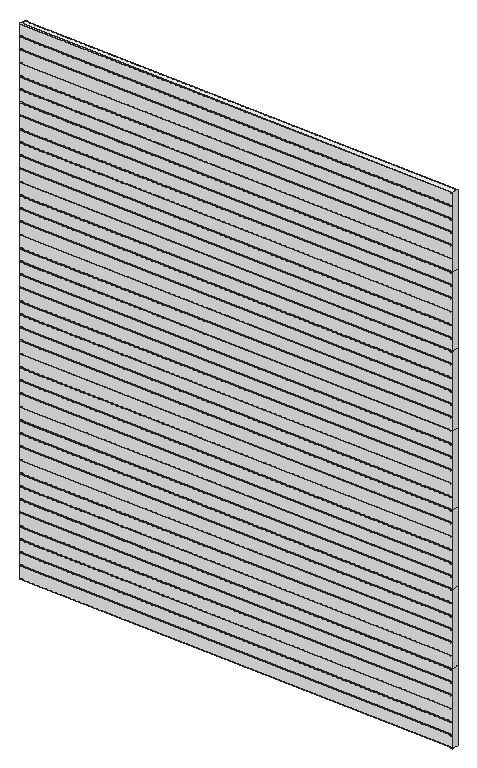
Revit family "3717-1Basic", category Doors, host Wall, Revit 2025
Family settings
  Host = Wall
  OmniClass Number = 23.30.10.17.37.14
  OmniClass Title = Sectional Overhead Doors
  Always vertical = Yes
  Cut with Voids When Loaded = No
  Shared = No
  Room Calculation Point = No
Parameters (values of type "By Type")
  Windload = "Doors available rated for various design pressures; consult Clopay for avaialbility and specifications"
  VisSection6 = NumSections = 6  # no
  VisSection5 = NumSections > 4  # yes
  VisSection4 = NumSections > 3  # yes
  VisSection3 = NumSections > 2  # yes
  VisArray = NumSections > 6  # yes
  URL = "www.clopaydoor.com"
  Track = "Galvanized steel (gauge varies according to door size)"
  Thickness = 0' - 2"  # constant formula
  Spec Wizard = "http://www.arcat.com/specwizard/08360clo/index.htm"
  Section Height = Height / NumSections  # 2' - 0"
  Sales Information = "http://www.clopaydoor.com/where-to-buy.aspx?type=dealer"
  Rough Width = 0' - 0"  # constant formula
  Rough Height = 0' - 0"  # constant formula
  R-Value = "15.05"
  Product Features and Benefits = "http://www.clopaydoor.com/insulated-polyurethane-applications.aspx"
  Overlapping Jamb = yes
  Overlap = if(Overlapping Jamb, 0' 1", 0' 0")  # 0' - 1"
  Opening Width = 12' - 0"
  Opening Height = 14' - 0"
  Omniclass Table = "23-30 10 17 37 "
  NumSectionsNotRounded = Height / 2' 0"  # 7
  NumSections = NumSectionsNotRounded + 0.4999  # 7
  NumArraySections = if(NumSections > 6, NumSections - 5, 2)  # 2
  Model = "3717"
  Maximum Size = "Maximum 32' 2'' wide by 26' 0'' high. Additional limitations may apply do to door weight. Consult Clopay for specificiations and shop drawings."  # constant formula
  Manufacturer Website = "http://www.clopaydoor.com"
  Manufacturer Phone Number = "1-800-526-4301"
  Manufacturer Address = "1400 W. Market St., Troy, OH 45373"
  Manufacturer = "Clopay Building Products Company"
  LEED = "http://products.construction.com/swts_content_files/151607/303186.pdf"
  Keynote = "08 36 13"
  Interior Steel = "28 ga. galvanized, primed, and finish painted"
  Hardware = "14 ga. min. steel hinges; 10-ball steel rollers"
  GreenFormat = "http://www.greenformat.com/products/1536-Polyurethane%20Insulated%20Doors.rtf"
  Function = Interior
  Height = Opening Height + Rough Width * 0  # 14' - 0"
  Wall Closure = By host
  Width = Opening Width + Rough Width * 0  # 12' - 0"
  FloorToSection7 = 6 * Section Height  # 12' - 0"
  FloorToSection6 = 5 * Section Height  # 10' - 0"
  FloorToSection5 = 4 * Section Height  # 8' - 0"
  FloorToSection4 = 3 * Section Height  # 6' - 0"
  FloorToSection3 = 2 * Section Height  # 4' - 0"
  FloorToSection2 = Section Height  # 2' - 0"
  File Revision = "02 (August, 2012)"
  Exterior Steel = "27 ga. galvanized, primed, and finish painted"
  Double End Stiles = Door Width > 14' 2"  # no
  Door Width = Opening Width + Overlap * 2  # 12' - 2"
  Door Height = Opening Height + Rough Width * 0  # 14' - 0"
  Description = "1-3/4'' thick polyurethane insulated, stucco embossed 27 gauge steel exterior with light ribbed pattern."
  Core Material = "Expanded polyurethane"
  Copyright = "2010, Clopay Building Products Company, Inc."
  Color = White
  CAD and Specifications = "http://www.clopaydoor.com/insulated-polyurethane-specs.aspx"
  Assembly Code = "B2030410"
Reference planes (in)
  plane 1 "Center (Front/Back)": y = 0
  plane 2 "Center (Left/Right)": x = 0
  plane 3 "Left": x = -72
  plane 4 "Right": x = 72
  plane 5 "Top": z = 168
  plane 6 "Exterior": y = 3
  plane 7 "Interior": y = -3
  plane 8: z = 120
  plane 9: z = 144
Lines and regions (in)
  Opening 1
    outline origin (-90, -3, 0) x (1, 0, 0) y (0, 0, 1)
      loop
        line (18, 0) -> (162, 0) -> (162, 168) -> (18, 168) -> (18, 0)
Text (in)
  text "Exterior" at (-74.96733, 27.31104, 0), in view "Ref. Level"
  text "Interior" at (-74.96733, -25.14366, 0), in view "Ref. Level"
  text "Exterior" at (0, 40.15149, 123.01588), in view "Right"
  text "Interior" at (0, -64.39139, 123.01588), in view "Right"
  text "Interior" at (0, -31.01599, 123.00693), in view "Left"
  text "Exterior" at (0, 54.57065, 123.00693), in view "Left"
Dimensions and locks (in)
  equal spacing: plane 3 "Left", plane 2 "Center (Left/Right)", plane 4 "Right"
  "Height": level to plane 5 "Top"
  "Width": plane 3 "Left" to plane 4 "Right"
  host wall to plane 5 "Top" = 14' - 0"
  nested 1 to plane 7 "Interior" = 0' - 0 1/2"
  "FloorToSection6": plane 8 to level
  "FloorToSection7": plane 9 to level
  group 1 to group 2 = 0' - 0"  (x2)
  group 1 to group 2 = 2' - 0"
  host wall to host wall = 67' - 6"
  aligned and locked: plane 3 "Left" to Opening 1 sketch curve
  aligned and locked: plane 5 "Top" to Opening 1 sketch curve  (x2)
  aligned and locked: Opening 1 sketch curve to plane 4 "Right"
  aligned and locked: Opening 1 sketch curve to level
  aligned and locked: plane 6 "Exterior" to host wall
  aligned and locked: host wall to plane 7 "Interior"
  aligned and locked: plane 2 "Center (Left/Right)" to nested 2
  aligned and locked: plane 2 "Center (Left/Right)" to nested 3
  aligned and locked: plane 2 "Center (Left/Right)" to nested 4
  aligned and locked: plane 2 "Center (Left/Right)" to nested 5
  aligned and locked: plane 2 "Center (Left/Right)" to nested 7
  aligned and locked: nested 7 to plane 8
  aligned and locked: nested 8 to plane 9
  aligned and locked: plane 7 "Interior" to nested 2
  aligned and locked: plane 7 "Interior" to nested 7
  aligned and locked: host wall to nested 8
  aligned and locked: plane 7 "Interior" to nested 3
  aligned and locked: host wall to nested 3
  aligned and locked: plane 7 "Interior" to nested 1
  aligned and locked: nested 2 to host wall
  aligned and locked: plane 7 "Interior" to nested 6
  aligned and locked: plane 7 "Interior" to nested 5
  aligned and locked: host wall to nested 7
  aligned and locked: plane 7 "Interior" to nested 4
Nested families (in)
  nested 1: "Section" at (0, 0, 0), type "Solid"
  nested 2: "Section" at (0, 0, 24), built-in parameter 1001364 <- "Section Height", type "Solid"
  nested 3: "Section" at (0, 0, 48), built-in parameter 1001364 <- "FloorToSection3", visible <- "VisSection3", type "Solid"
  nested 4: "Section" at (0, 0, 120), built-in parameter 1001364 <- "FloorToSection6", visible <- "VisSection6", type "Solid"
  nested 5: "Section" at (0, 0, 96), built-in parameter 1001364 <- "FloorToSection5", visible <- "VisSection5", type "Solid"
  nested 6: "Section" at (0, 0, 72), built-in parameter 1001364 <- "FloorToSection4", visible <- "VisSection4", type "Solid"
  nested 7: "Section" at (0, 0, 120), visible <- "VisArray", type "Solid"
  nested 8: "Section" at (0, 0, 144), visible <- "VisArray", type "Solid"
Definition of nested family "Section"
  Parameters
    X9 = if(if(NumArrayedWindows < NumWindows, NumArrayedWindows + 1, NumWindows) < 9, X1, X8 + 3' 8")  # 1' - 5 1/2"
    X8 = if(if(NumArrayedWindows < NumWindows, NumArrayedWindows + 1, NumWindows) < 8, X1, X7 + 3' 8")  # 1' - 5 1/2"
    X7 = if(if(NumArrayedWindows < NumWindows, NumArrayedWindows + 1, NumWindows) < 7, X1, X6 + 3' 8")  # 1' - 5 1/2"
    X6 = if(if(NumArrayedWindows < NumWindows, NumArrayedWindows + 1, NumWindows) < 6, X1, X5 + 3' 8")  # 1' - 5 1/2"
    X5 = if(if(NumArrayedWindows < NumWindows, NumArrayedWindows + 1, NumWindows) < 5, X1, X4 + 3' 8")  # 1' - 5 1/2"
    X4 = if(if(NumArrayedWindows < NumWindows, NumArrayedWindows + 1, NumWindows) < 4, X1, X3 + 3' 8")  # 1' - 5 1/2"
    X3 = if(NumWindows < 3, X1, X2 + 3' 8")  # 8' - 9 1/2"
    X2 = if(NumWindows < 2, ((Door Width - (NumWindows - 1) * 3' 8") / 2 - Cutout Width / 2), ((Door Width - (NumWindows - 1) * 3' 8") / 2 - Cutout Width / 2) + 3' 8")  # 5' - 1 1/2"
    WindowVis = no
    WindowCutDepth = -0' - 0 13/128"
    Section Height = 2' - 0"
    RibSpacing = Section Height / (NumRibs + 1)  # 0' - 4"
    NumWindows = if(Door Width < 9' 4", 2, if(Door Width < 13' 4", 3, if(Door Width < 16' 4", 4, if(Door Width < 20' 4", 5, if(Door Width < 24' 4", 6, if(Door Width < 26' 4", 7, if(Door Width < 31' 8", 8, 10)))))))  # 3
    NumRibs = if(Section Height < 1' 9", 3, if(Section Height < 2' 0", 4, 5))  # 5
    NumArrayedWindows = if(X2 = X1, NumWindows - 2, NumWindows)  # 3
    Half Section Height = Section Height / 2  # 1' - 0"
    Half Door Width Neg = -Half Door Width  # -6' - 1"
    Half Door Width = Door Width / 2  # 6' - 1"
    Half Cutout Height = Cutout Height / 2  # 0' - 3 1/2"
    Function = (empty or 0)
    Height = 0' - 0"
    Wall Closure = (empty or 0)
    Width = 0' - 0"
    X1 = if(or(Door Width > 31' 6", and(Door Width > 26' 2", Door Width < 28' 1"), Door Width = 24' 3", Door Width = 24' 4", and(Door Width > 20' 2", Door Width < 20' 11"), and(Door Width > 16' 2", Door Width < 17' 3")), X2, (Door Width - (NumWindows - 1) * 3' 8") / 2 - Cutout Width / 2)  # 1' - 5 1/2"
    Door Width = 12' - 2"
    CutoutToCutout = 1' - 0"
    Cutout Width = 1' - 11"
    Cutout Height = 0' - 7"
    Color = none
    BtmTo1stRib = RibSpacing  # 0' - 4"
    Assembly Code = ""
  Reference planes (in)
    plane 1 "Center (Front/Back)": y = 0
    plane 2 "Center (Left/Right)": x = 0
    plane 3 "Exterior": y = 3
    plane 4 "Interior": y = -3
    plane 5: y = -3.5
    plane 6: x = 73
    plane 7: x = -73
    plane 8: z = 4
    plane 9: z = 8
    plane 10: z = 24
    plane 11: z = 12
    plane 12: z = 0
  Forms (in)
    Extrusion 1, solid, material <- "Color"
      sketch origin (-73, -12, 83.08252) x (0, 0, 1) y (0, -1, 0)
        loop
          line (-59.08252, -8.37573) -> (-59.08252, -6.62444)
          arc (-59.08252, -6.62444) -> (-59.11897, -6.53645) -> (-59.20696, -6.5) r 0.12444
          line (-59.20696, -6.5) -> (-82.95809, -6.5)
          arc (-82.95809, -6.5) -> (-83.04608, -6.53645) -> (-83.08252, -6.62444) r 0.12444
          line (-83.08252, -6.62444) -> (-83.08252, -8.37573)
          arc (-83.08252, -8.37573) -> (-83.04612, -8.4636) -> (-82.95825, -8.5) r 0.12427
          line (-82.95825, -8.5) -> (-59.20679, -8.5)
          arc (-59.20679, -8.5) -> (-59.11892, -8.4636) -> (-59.08252, -8.37573) r 0.12427
      from 0 to 146 <- "Door Width"
    Extrusion 2, void
      sketch origin (0, 0, -0.5) x (0, -1, 0) y (0, 0, 1)
        loop
          line (3.5, 4.62727) -> (3.5, 4.37273) -> (3.53032, 4.41942)
          arc (3.53032, 4.41942) -> (3.53753, 4.43506) -> (3.54, 4.4521) r 0.06
          line (3.54, 4.4521) -> (3.54, 4.5479)
          arc (3.54, 4.5479) -> (3.53753, 4.56494) -> (3.53032, 4.58058) r 0.06
          line (3.53032, 4.58058) -> (3.5, 4.62727)
      from -73 <- "Half Door Width Neg" to 146 <- "Door Width"
    Extrusion 3, void
      sketch origin (0, 0, 3.5) x (0, -1, 0) y (0, 0, 1)
        loop
          line (3.5, 4.62727) -> (3.5, 4.37273) -> (3.53032, 4.41942)
          arc (3.53032, 4.41942) -> (3.53753, 4.43506) -> (3.54, 4.4521) r 0.06
          line (3.54, 4.4521) -> (3.54, 4.5479)
          arc (3.54, 4.5479) -> (3.53753, 4.56494) -> (3.53032, 4.58058) r 0.06
          line (3.53032, 4.58058) -> (3.5, 4.62727)
      from -73 <- "Half Door Width Neg" to 146 <- "Door Width"
    Extrusion 4, void
      sketch origin (0, 0, 7.5) x (0, -1, 0) y (0, 0, 1)
        loop
          line (3.5, 4.62727) -> (3.5, 4.37273) -> (3.53032, 4.41942)
          arc (3.53032, 4.41942) -> (3.53753, 4.43506) -> (3.54, 4.4521) r 0.06
          line (3.54, 4.4521) -> (3.54, 4.5479)
          arc (3.54, 4.5479) -> (3.53753, 4.56494) -> (3.53032, 4.58058) r 0.06
          line (3.53032, 4.58058) -> (3.5, 4.62727)
      from -73 <- "Half Door Width Neg" to 146 <- "Door Width"
    Extrusion 5, void
      sketch origin (0, -8.99984, -0.5) x (0, 1, 0) y (0, 0, -1)
        loop
          line (3.5, -4.62727) -> (3.53032, -4.58058)
          arc (3.53032, -4.58058) -> (3.53753, -4.56494) -> (3.54, -4.5479) r 0.06
          line (3.54, -4.5479) -> (3.54, -4.4521)
          arc (3.54, -4.4521) -> (3.53753, -4.43506) -> (3.53032, -4.41942) r 0.06
          line (3.53032, -4.41942) -> (3.5, -4.37273) -> (3.5, -4.62727)
      from -73 <- "Half Door Width Neg" to 146 <- "Door Width"
    Extrusion 6, void
      sketch origin (0, -8.99984, 3.5) x (0, 1, 0) y (0, 0, -1)
        loop
          line (3.5, -4.62727) -> (3.53032, -4.58058)
          arc (3.53032, -4.58058) -> (3.53753, -4.56494) -> (3.54, -4.5479) r 0.06
          line (3.54, -4.5479) -> (3.54, -4.4521)
          arc (3.54, -4.4521) -> (3.53753, -4.43506) -> (3.53032, -4.41942) r 0.06
          line (3.53032, -4.41942) -> (3.5, -4.37273) -> (3.5, -4.62727)
      from -73 <- "Half Door Width Neg" to 146 <- "Door Width"
    Extrusion 7, void
      sketch origin (0, -8.99984, 7.5) x (0, 1, 0) y (0, 0, -1)
        loop
          line (3.5, -4.62727) -> (3.53032, -4.58058)
          arc (3.53032, -4.58058) -> (3.53753, -4.56494) -> (3.54, -4.5479) r 0.06
          line (3.54, -4.5479) -> (3.54, -4.4521)
          arc (3.54, -4.4521) -> (3.53753, -4.43506) -> (3.53032, -4.41942) r 0.06
          line (3.53032, -4.41942) -> (3.5, -4.37273) -> (3.5, -4.62727)
      from -73 <- "Half Door Width Neg" to 146 <- "Door Width"
    Extrusion 8, void
      sketch origin (0, 0, 11.5) x (0, -1, 0) y (0, 0, 1)
        loop
          line (3.5, 4.62727) -> (3.5, 4.37273) -> (3.53032, 4.41942)
          arc (3.53032, 4.41942) -> (3.53753, 4.43506) -> (3.54, 4.4521) r 0.06
          line (3.54, 4.4521) -> (3.54, 4.5479)
          arc (3.54, 4.5479) -> (3.53753, 4.56494) -> (3.53032, 4.58058) r 0.06
          line (3.53032, 4.58058) -> (3.5, 4.62727)
      from -73 <- "Half Door Width Neg" to 146 <- "Door Width"
    Extrusion 9, void
      sketch origin (0, -8.99984, 11.5) x (0, 1, 0) y (0, 0, -1)
        loop
          line (3.5, -4.62727) -> (3.53032, -4.58058)
          arc (3.53032, -4.58058) -> (3.53753, -4.56494) -> (3.54, -4.5479) r 0.06
          line (3.54, -4.5479) -> (3.54, -4.4521)
          arc (3.54, -4.4521) -> (3.53753, -4.43506) -> (3.53032, -4.41942) r 0.06
          line (3.53032, -4.41942) -> (3.5, -4.37273) -> (3.5, -4.62727)
      from -73 <- "Half Door Width Neg" to 146 <- "Door Width"
    Extrusion 10, void
      sketch origin (0, 0, 15.5) x (0, -1, 0) y (0, 0, 1)
        loop
          line (3.5, 4.62727) -> (3.5, 4.37273) -> (3.53032, 4.41942)
          arc (3.53032, 4.41942) -> (3.53753, 4.43506) -> (3.54, 4.4521) r 0.06
          line (3.54, 4.4521) -> (3.54, 4.5479)
          arc (3.54, 4.5479) -> (3.53753, 4.56494) -> (3.53032, 4.58058) r 0.06
          line (3.53032, 4.58058) -> (3.5, 4.62727)
      from -73 <- "Half Door Width Neg" to 146 <- "Door Width"
    Extrusion 11, void
      sketch origin (0, -8.99984, 15.5) x (0, 1, 0) y (0, 0, -1)
        loop
          line (3.5, -4.62727) -> (3.53032, -4.58058)
          arc (3.53032, -4.58058) -> (3.53753, -4.56494) -> (3.54, -4.5479) r 0.06
          line (3.54, -4.5479) -> (3.54, -4.4521)
          arc (3.54, -4.4521) -> (3.53753, -4.43506) -> (3.53032, -4.41942) r 0.06
          line (3.53032, -4.41942) -> (3.5, -4.37273) -> (3.5, -4.62727)
      from -73 <- "Half Door Width Neg" to 146 <- "Door Width"
  Cuts and joins
    Extrusion 2, Extrusion 3, Extrusion 4, Extrusion 5, Extrusion 6, Extrusion 7, Extrusion 8, Extrusion 9, Extrusion 10, Extrusion 11 cuts Extrusion 1
  Lines and regions (in)
    reference lines
      curve 1: line (-72, -3.54, 4) -> (-72, -3.5, 4)
      curve 2: line (-72, -5.45984, 4) -> (-72, -5.49984, 4)
      curve 3: line (-72, -3.54, 8) -> (-72, -3.5, 8)
      curve 4: line (-72, -3.54, 12) -> (-72, -3.5, 12)
      curve 5: line (-72, -5.45984, 4) -> (-72, -5.49984, 4)
      curve 6: line (-72, -5.45984, 8) -> (-72, -5.49984, 8)
      curve 7: line (-72, -5.45984, 12) -> (-72, -5.49984, 12)
      curve 8: line (-72, -3.54, 16) -> (-72, -3.5, 16)
      curve 9: line (-72, -5.45984, 16) -> (-72, -5.49984, 16)
      curve 10: line (-72, -3.54, 20) -> (-72, -3.5, 20)
      curve 11: line (-72, -5.45984, 20) -> (-72, -5.49984, 20)
  Text (in)
    text "Exterior" at (-74.96733, 27.31104, 0), in view "Ref. Level"
    text "Interior" at (-74.96733, -25.14366, 0), in view "Ref. Level"
    text "Exterior" at (0, 40.15149, 123.01588), in view "Right"
    text "Interior" at (0, -64.39139, 123.01588), in view "Right"
    text "Interior" at (0, -31.01599, 123.00693), in view "Left"
    text "Exterior" at (0, 54.57065, 123.00693), in view "Left"
  Dimensions and locks (in)
    plane 4 "Interior" to plane 5 = 0' - 0 1/2"
    "Half Door Width": plane 2 "Center (Left/Right)" to plane 7
    "Half Door Width": plane 6 to plane 2 "Center (Left/Right)"
    Extrusion 1 sketch curve to Extrusion 1 sketch curve = 0' - 2"
    Extrusion 2 sketch curve to Extrusion 2 sketch curve = 0' - 0.25454"
    Extrusion 2 sketch curve to Extrusion 2 sketch curve = 0' - 0.04"  (x2)
    "BtmTo1stRib": plane 8 to level
    curve 1 to Extrusion 2 sketch curve = 0' - 0.12727"
    "RibSpacing": plane 9 to plane 8
    "Section Height": plane 10 to level
    Extrusion 3 sketch curve to Extrusion 3 sketch curve = 0' - 0.25454"
    Extrusion 3 sketch curve to Extrusion 3 sketch curve = 0' - 0.04"  (x2)
    curve 3 to Extrusion 3 sketch curve = 0' - 0.12727"
    equal spacing: group 1, group 2, group 3, group 4, group 5  (x3)
    Extrusion 4 sketch curve to Extrusion 4 sketch curve = 0' - 0.25454"
    Extrusion 4 sketch curve to Extrusion 4 sketch curve = 0' - 0.04"  (x2)
    curve 4 to Extrusion 4 sketch curve = 0' - 0.12727"
    Extrusion 5 sketch curve to Extrusion 5 sketch curve = 0' - 0.25454"
    Extrusion 5 sketch curve to Extrusion 5 sketch curve = 0' - 0.04"  (x2)
    Extrusion 5 sketch curve to curve 5 = 0' - 0.12727"
    Extrusion 6 sketch curve to Extrusion 6 sketch curve = 0' - 0.25454"
    Extrusion 6 sketch curve to Extrusion 6 sketch curve = 0' - 0.04"  (x2)
    Extrusion 6 sketch curve to curve 6 = 0' - 0.12727"
    Extrusion 7 sketch curve to Extrusion 7 sketch curve = 0' - 0.25454"
    Extrusion 7 sketch curve to Extrusion 7 sketch curve = 0' - 0.04"  (x2)
    Extrusion 7 sketch curve to curve 7 = 0' - 0.12727"
    "Half Section Height": level to plane 11
    Extrusion 8 sketch curve to Extrusion 8 sketch curve = 0' - 0.25454"
    Extrusion 8 sketch curve to Extrusion 8 sketch curve = 0' - 0.04"  (x2)
    curve 8 to Extrusion 8 sketch curve = 0' - 0.12727"
    Extrusion 9 sketch curve to Extrusion 9 sketch curve = 0' - 0.25454"
    Extrusion 9 sketch curve to Extrusion 9 sketch curve = 0' - 0.04"  (x2)
    Extrusion 9 sketch curve to curve 9 = 0' - 0.12727"
    Extrusion 10 sketch curve to Extrusion 10 sketch curve = 0' - 0.25454"
    Extrusion 10 sketch curve to Extrusion 10 sketch curve = 0' - 0.04"  (x2)
    curve 10 to Extrusion 10 sketch curve = 0' - 0.12727"
    Extrusion 11 sketch curve to Extrusion 11 sketch curve = 0' - 0.25454"
    Extrusion 11 sketch curve to Extrusion 11 sketch curve = 0' - 0.04"  (x2)
    Extrusion 11 sketch curve to curve 11 = 0' - 0.12727"
    locked: plane 4 "Interior" to cut or joined group 1 (Extrusion 1, Extrusion 2, Extrusion 3, Extrusion 4, Extrusion 5, Extrusion 6, Extrusion 7, Extrusion 8, Extrusion 9, Extrusion 10, Extrusion 11) at 0.5
    radius of Extrusion 1 sketch curve = 0' - 0.12427"  (x2)
    radius of Extrusion 1 sketch curve = 0' - 0.12444"  (x2)
    angle Extrusion 2 sketch curve to Extrusion 2 sketch curve = 147.00°  (x2)
    angle Extrusion 3 sketch curve to Extrusion 3 sketch curve = 147.00°  (x2)
    angle Extrusion 4 sketch curve to Extrusion 4 sketch curve = 147.00°  (x2)
    angle Extrusion 5 sketch curve to Extrusion 5 sketch curve = 147.00°  (x2)
    angle Extrusion 6 sketch curve to Extrusion 6 sketch curve = 147.00°  (x2)
    angle Extrusion 7 sketch curve to Extrusion 7 sketch curve = 147.00°  (x2)
    angle Extrusion 8 sketch curve to Extrusion 8 sketch curve = 147.00°  (x2)
    angle Extrusion 9 sketch curve to Extrusion 9 sketch curve = 147.00°  (x2)
    angle Extrusion 10 sketch curve to Extrusion 10 sketch curve = 147.00°  (x2)
    angle Extrusion 11 sketch curve to Extrusion 11 sketch curve = 147.00°  (x2)
    aligned and locked: Extrusion 1 sketch curve to plane 5
    aligned and locked: plane 8 to curve 1
    aligned and locked: plane 9 to curve 3
    aligned: cut or joined group 1 to cut or joined group 1  (x9)
    aligned and locked: plane 12 to level
  Automatic sketch dimensions
    curve 2 to curve 1 = 0' - 1.91984"
    curve 1 to curve 1 = 0' - 0.04"  (x2)
    curve 1 to curve 2 = 0' - 1.91984"
    curve 2 to curve 2 = 0' - 0.04"  (x2)
    Extrusion 2 sketch curve to Extrusion 2 sketch curve = 0' - 0"
    Extrusion 2 sketch curve to Extrusion 2 sketch curve = 0' - 0.02"
    Extrusion 2 sketch curve to Extrusion 2 sketch curve = 0' - 0.00968"  (x2)
    curve 5 to curve 1 = 0' - 0"
    curve 1 to curve 5 = 0' - 1.91984"
    curve 5 to curve 5 = 0' - 0.04"
    Extrusion 5 sketch curve to Extrusion 5 sketch curve = 0' - 0"
    Extrusion 5 sketch curve to Extrusion 5 sketch curve = 0' - 0.02"
    Extrusion 5 sketch curve to Extrusion 5 sketch curve = 0' - 0.00968"  (x2)
    Extrusion 3 sketch curve to Extrusion 3 sketch curve = 0' - 0"
    Extrusion 3 sketch curve to Extrusion 3 sketch curve = 0' - 0.02"
    Extrusion 3 sketch curve to Extrusion 3 sketch curve = 0' - 0.00968"  (x2)
    curve 6 to curve 3 = 0' - 0"
    curve 3 to curve 3 = 0' - 0.04"
    curve 3 to curve 6 = 0' - 1.91984"
    curve 6 to curve 6 = 0' - 0.04"
    Extrusion 4 sketch curve to Extrusion 4 sketch curve = 0' - 0"
    Extrusion 4 sketch curve to Extrusion 4 sketch curve = 0' - 0.02"
    Extrusion 4 sketch curve to Extrusion 4 sketch curve = 0' - 0.00968"  (x2)
    curve 7 to curve 4 = 0' - 0"
    curve 4 to curve 4 = 0' - 0.04"
    curve 4 to curve 7 = 0' - 1.91984"
    curve 7 to curve 7 = 0' - 0.04"
    Extrusion 7 sketch curve to Extrusion 7 sketch curve = 0' - 0.00968"
    Extrusion 6 sketch curve to Extrusion 6 sketch curve = 0' - 0.00968"
    curve 2 to plane 8 = 0' - 0"
    curve 2 to plane 5 = 0' - 1.95984"
    Extrusion 1 sketch curve to plane 10 = 0' - 0"
    Extrusion 1 sketch curve to level = 0' - 0"
    Extrusion 8 sketch curve to Extrusion 8 sketch curve = 0' - 0"
    Extrusion 8 sketch curve to Extrusion 8 sketch curve = 0' - 0.02"
    Extrusion 8 sketch curve to Extrusion 8 sketch curve = 0' - 0.00968"  (x2)
    curve 9 to curve 8 = 0' - 0"
    curve 8 to curve 8 = 0' - 0.04"
    curve 8 to curve 9 = 0' - 1.91984"
    curve 9 to curve 9 = 0' - 0.04"
    Extrusion 9 sketch curve to Extrusion 9 sketch curve = 0' - 0"
    Extrusion 9 sketch curve to Extrusion 9 sketch curve = 0' - 0.02"
    Extrusion 9 sketch curve to Extrusion 9 sketch curve = 0' - 0.00968"  (x2)
    Extrusion 10 sketch curve to Extrusion 10 sketch curve = 0' - 0"
    Extrusion 10 sketch curve to Extrusion 10 sketch curve = 0' - 0.02"
    Extrusion 10 sketch curve to Extrusion 10 sketch curve = 0' - 0.00968"  (x2)
    curve 11 to curve 10 = 0' - 0"
    curve 10 to curve 10 = 0' - 0.04"
    curve 10 to curve 11 = 0' - 1.91984"
    curve 11 to curve 11 = 0' - 0.04"
    Extrusion 11 sketch curve to Extrusion 11 sketch curve = 0' - 0"
    Extrusion 11 sketch curve to Extrusion 11 sketch curve = 0' - 0.02"
    Extrusion 11 sketch curve to Extrusion 11 sketch curve = 0' - 0.00968"  (x2)
